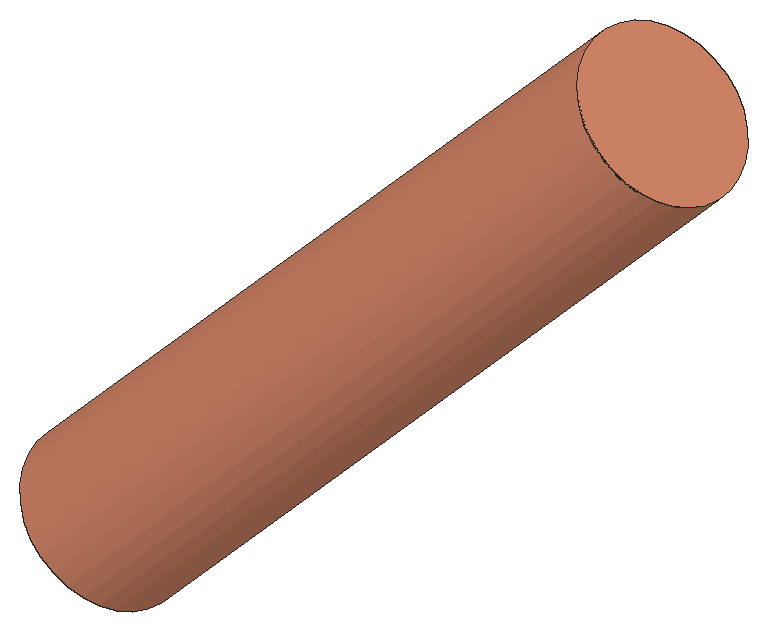
Revit family "盤サポート_鋼管（STK）", category Generic Models, Revit 2023
Family settings
  Can host rebar = No
  Round Connector Dimension = Use Diameter
  Part Type = Normal
  Work Plane-Based = Yes
  Always vertical = No
  Cut with Voids When Loaded = No
  Maintain Annotation Orientation = No
  Shared = No
  Room Calculation Point = No
Parameters (values of type "STK 101.6mm")
  長辺 [instance] = 長さ  # 500 mm
  長さ [instance] = 500 mm
  部屋名 = ""
  角度 [instance] = 45.00°
  直径 = 101.6 mm
  Default Elevation = 1219.2 mm
  構造マテリアル = E403_盤サポート
  半径 = 直径 / 2  # 50.8 mm
Types (29, lengths in mm): name | 直径 | 半径
  STK 101.6mm | 101.6 | 50.8
  STK 1016.0mm | 1016 | 508
  STK 114.3mm | 114.3 | 57.15
  STK 139.8mm | 139.8 | 69.9
  STK 165.2mm | 165.2 | 82.6
  STK 190.7mm | 190.7 | 95.35
  STK 21.7mm | 21.7 | 10.85
  STK 216.3mm | 216.3 | 108.15
  STK 267.4mm | 267.4 | 133.7
  STK 27.2mm | 27.2 | 13.6
  STK 318.5mm | 318.5 | 159.25
  STK 34.0mm | 34 | 17
  STK 355.6mm | 355.6 | 177.8
  STK 406.4mm | 406.4 | 203.2
  STK 42.7mm | 42.7 | 21.35
  STK 457.2mm | 457.2 | 228.6
  STK 48.6mm | 48.6 | 24.3
  STK 500.0mm | 500 | 250
  STK 508.0mm | 508 | 254
  STK 558.8mm | 558.8 | 279.4
  STK 60.5mm | 60.5 | 30.25
  STK 600.0mm | 600 | 300
  STK 609.6mm | 609.6 | 304.8
  STK 700.0mm | 700 | 350
  STK 711.2mm | 711.2 | 355.6
  STK 76.3mm | 76.3 | 38.15
  STK 812.8mm | 812.8 | 406.4
  STK 89.1mm | 89.1 | 44.55
  STK 914.4mm | 914.4 | 457.2
Reference planes
  plane 1 "中心(正面/背面)": y = 0
  plane 2: z = 0
  plane 3 "中心(左/右)": x = 0
Lines and regions (mm)
  reference lines
    curve 1: line (0, 0, 0) -> (848.528, 0, 848.528)
    curve 2: line (35.921, 0, -35.921) -> (-35.921, 0, 35.921)
    curve 3: line (389.474, 0, 317.632) -> (317.632, 0, 389.474)
Dimensions and locks
  equal spacing: curve 2, curve 1, curve 2
  "直径": curve 2 to curve 2
  equal spacing: curve 3, curve 1, curve 3
  "直径": curve 3 to curve 3
  "長さ": curve 3 to curve 2
  "角度": angle level to curve 1
  angle curve 2 to curve 1 = 90.00°
  angle curve 3 to curve 1 = 90.00°
  aligned and locked: level to plane 2
  aligned and locked: level to curve 1
  aligned and locked: plane 3 "中心(左/右)" to curve 1
  aligned and locked: nested 1 to curve 1
Nested families
  nested 1: "グレーチング_鋼管（STK）" at (0, 0, 0) x (0.7071, 0, -0.7071) z (0, -1, 0), 長さ <- "長さ", type "STK 21.7mm"
    with 長辺 500 mm, 長さ 500 mm, 直径 101.6 mm, 半径 50.8 mm
Definition of nested family "グレーチング_鋼管（STK）"
  Parameters (values of type "STK 165.2mm")
    長辺 [instance] = 長さ  # 1000 mm
    長さ [instance] = 1000 mm
    直径 = 165.2 mm
    Default Elevation = 1219.2 mm
    構造マテリアル = none
    半径 = 直径 / 2  # 82.6 mm
  Types (29, lengths in mm): name | 直径 | 半径
    STK 21.7mm | 21.7 | 10.85
    STK 27.2mm | 27.2 | 13.6
    STK 34.0mm | 34 | 17
    STK 42.7mm | 42.7 | 21.35
    STK 48.6mm | 48.6 | 24.3
    STK 60.5mm | 60.5 | 30.25
    STK 76.3mm | 76.3 | 38.15
    STK 89.1mm | 89.1 | 44.55
    STK 101.6mm | 101.6 | 50.8
    STK 114.3mm | 114.3 | 57.15
    STK 139.8mm | 139.8 | 69.9
    STK 165.2mm | 165.2 | 82.6
    STK 190.7mm | 190.7 | 95.35
    STK 216.3mm | 216.3 | 108.15
    STK 267.4mm | 267.4 | 133.7
    STK 318.5mm | 318.5 | 159.25
    STK 355.6mm | 355.6 | 177.8
    STK 406.4mm | 406.4 | 203.2
    STK 457.2mm | 457.2 | 228.6
    STK 500.0mm | 500 | 250
    STK 508.0mm | 508 | 254
    STK 558.8mm | 508 | 254
    STK 600.0mm | 600 | 300
    STK 609.6mm | 609.6 | 304.8
    STK 700.0mm | 700 | 350
    STK 711.2mm | 711.2 | 355.6
    STK 812.8mm | 812.8 | 406.4
    STK 914.4mm | 914.4 | 457.2
    STK 1016.0mm | 1016 | 508
  Reference planes
    plane 1 "中心(正面/背面)": y = 0
    plane 2: z = 0
    plane 3 "中心(左/右)": x = 0
  Forms (mm)
    Extrusion 1, solid, material <- "構造マテリアル"
      sketch origin (0, 0, 0) x (1, 0, 0) y (0, 0, 1)
        loop
          circle (0, 0) r 82.6
      from -1000 to 0
  Lines and regions (mm)
    reference lines
      curve 1: line (82.6, 1000, 0) -> (-82.6, 1000, 0)
      curve 2: line (82.6, 0, 0) -> (-82.6, 0, 0)
  Dimensions and locks
    "長さ": curve 1 to curve 2
    "直径": curve 1 to curve 1
    equal spacing: curve 1, plane 3 "中心(左/右)", curve 1
    "直径": curve 2 to curve 2
    equal spacing: curve 2, plane 3 "中心(左/右)", curve 2
    "半径": radius of Extrusion 1 sketch curve
    aligned and locked: level to plane 2
    aligned and locked: Extrusion 1 to curve 1
    aligned and locked: Extrusion 1 to curve 2
  Automatic sketch dimensions
    Extrusion 1 sketch curve to level = 0 mm
    Extrusion 1 sketch curve to plane 3 "中心(左/右)" = 0 mm
    plane 1 "中心(正面/背面)" to curve 2 = 0 mm
